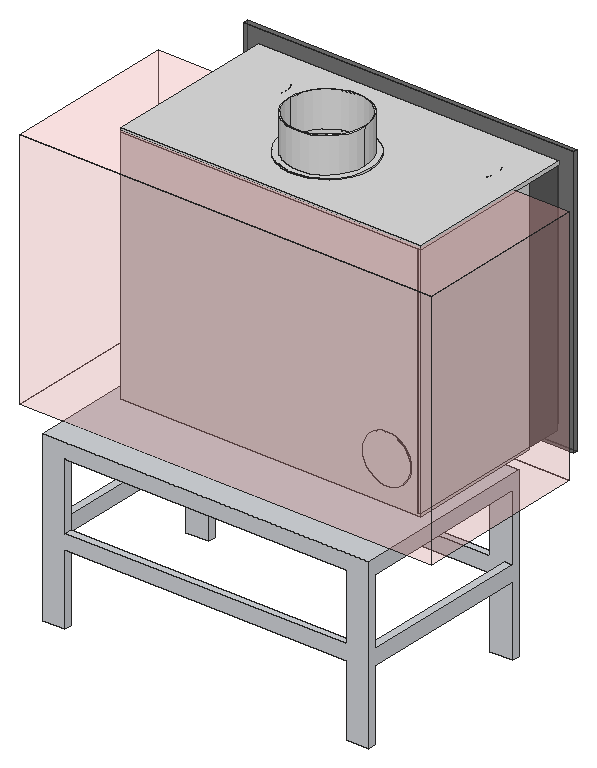
Revit family "FOGO MONTANHA-DESIGN-E809-STEEL DOOR-R19-V00", category Mechanical Equipment, host Wall, Revit 2019
Family settings
  Host = Wall
  Round Connector Dimension = Use Diameter
  Part Type = Normal
  OmniClass Number = 23.19.17.00
  Always vertical = Yes
  Cut with Voids When Loaded = No
  Shared = No
  Room Calculation Point = No
Parameters (values of type "Black Steel Door-4 sided Glass Frame 50mm")
  r_SmallDuct_Top = Diameter / 2  # 50 mm
  r_CentralDuct_Top = F / 2  # 100 mm
  r_Duct_back = 65 mm
  V = 243
  Support Table [instance] = yes
  Pu = 7.5
  Power = 9.3 kW
  Pn = 10.7
  P = 115
  Glass = Fogo Montanha-Glass
  Frame Type = FOGO MONTANHA-DESIGN-4L FRAME : E809-50mm-Glass
  Electrical Power = 32 W
  Electric tension = 230 V
  Efficiency at nominal power = "77%"
  Door_Glass_Offset = 70 mm
  Diameter = 100 mm
  Dark Glass = Fogo Montanha-Dark Glass
  URL = "https://welcome.fogo-montanha.com/pesquisar/PA2019P019"
  Door_Position = 5 mm  # constant formula
  Door = Fogo Montanha-Black Steel
  Offset_Door-Frame = 26.7 mm
  Model = "Design-E809"  # constant formula
  Manufacturer URL = "www.fogo-montanha.com"
  Manufacturer = "Fogo Montanha"  # constant formula
  Height from Level [instance] = 450 mm
  Version = "v00"  # constant formula
  Uniformat II Description = "Heat Generating Systems"  # constant formula
  Uniformat II Code = "D3020"  # constant formula
  Uniclass 2015 Name = "Space heaters"  # constant formula
  Uniclass 2015 Code = "TE_70_10_20_80"  # constant formula
  Uniclass 2.0 Description = "Space Heating And Cooling Products"  # constant formula
  Uniclass 2.0 Code = "PR-70-60-36-74"  # constant formula
  Uniclass 1.4 Description = "Fireplaces"  # constant formula
  Uniclass 1.4 Code = "L828"  # constant formula
  UNSPSC Description = "Space Heaters"  # constant formula
  UNSPSC Code = "40101819"  # constant formula
  Reference = "PA2019P019"
  Publication date = "08/2022"  # constant formula
  Number of Poles = 1
  NBS Reference Description = "Room Heaters"  # constant formula
  NBS Reference Code = "60-36-74"  # constant formula
  Masterformat 2014 Description = "Fireplaces and Stoves"  # constant formula
  Masterformat 2014 Code = "10 30 00"  # constant formula
  K = B + 13 mm  # 649 mm
  J = A + 17 mm  # 807 mm
  IfcExportType = "IfcSpaceHeaterType"  # constant formula
  IfcExportAs = "IfcSpaceHeater"  # constant formula
  G = 275 mm
  F = 200 mm
  Offset_Duct_Back = 90 mm
  Clearance Zone Visible [instance] = yes
  Clearance Zone = 150 mm
  Cl = 3.3
  CO2 = 8.1
  CO 13% O2 = 0.074
  Aux_Duct_Top = 120 mm
  Det_Door = 10 mm
  Description = "Inseríveis a lenha com ventilação tangencial incluída de série, disponíveis em preto, cinza ou porta em vidro. Incluem porta com sistema de fecho automático, ar externo canalizável através de um kit opcional, dupla combustão e câmara estanque. Possibilidade de regulação da ventilação através de um controlador GLA que, com a inclusão de um Damper, permitirá também o controlo do ar de combustão. Kit wi-fi opcional para gestão do controlador GLA à distância através de smartphone."  # constant formula
  D = 465 mm
  Body = Fogo Montanha-Steel Galvanized
  Base_Offset [instance] = if(and(Height from Level < 300 mm, Support Table), 300 mm, if(and(Height from Level > 545 mm, Support Table), 545 mm, Height from Level))  # 450 mm
  E = B  # 636 mm
  C = A  # 790 mm
  BIM Modeler URL = "www.stratbim.com"
  BIM Modeler = "StratBIM"
  B = 636 mm
  Assembly Code = "D3020"
  A = 790 mm
Types (6, lengths in mm): name | Frame Type
  Black Steel Door-4 sided Glass Frame 50mm | FOGO MONTANHA-DESIGN-4L FRAME : E809-50mm-Glass
  Black Steel Door-3 sided Glass Frame 50mm | FOGO MONTANHA-DESIGN-3L FRAME : E809-50mm-Glass
  Black Steel Door-4 sided Black Steel Frame 20mm | FOGO MONTANHA-DESIGN-4L FRAME : E809-20mm-Black Steel
  Black Steel Door-4 sided Black Steel Frame 45mm | FOGO MONTANHA-DESIGN-4L FRAME : E809-45mm-Black Steel
  Black Steel Door-3 sided Black Steel Frame 20mm | FOGO MONTANHA-DESIGN-3L FRAME : E809-20mm-Black Steel
  Black Steel Door-3 sided Black Steel Frame 45mm | FOGO MONTANHA-DESIGN-3L FRAME : E809-45mm-Black Steel
Reference planes
  plane 1 "Wall": y = 0
  plane 2 "Center (Left/Right)": x = 0
  plane 3 "Front": y = 75
  plane 4 "2": x = 395
  plane 5 "3": x = -395
  plane 6 "4": x = -395
  plane 7 "5": x = 395
  plane 8 "6": x = -403.5
  plane 9 "7": x = 403.5
  plane 10 "K'": z = 1099
  plane 11 "K": z = 450
  plane 12: y = -200
  plane 13: y = -390
  plane 14 "8": x = -50
  plane 15 "9": x = 50
  plane 16 "10": x = 313.5
  plane 17: z = 774.5
  plane 18 "B'": z = 1092.5
  plane 19 "B": z = 456.5
  plane 20 "E'": z = 1092.5
  plane 21 "E": z = 456.5
  plane 22 "L": z = 558.7
  plane 23: y = -46
  plane 24 "M": x = -283.5
  plane 25 "M'": x = 283.5
  plane 26: z = 462
  plane 27 "S": x = -398.5
  plane 28 "T": x = 398.5
  plane 29 "U": x = 371.8
  plane 30 "V": x = -371.8
  plane 31: z = 1065.8
  plane 32: z = 488.7
  plane 33: z = 558.7
  plane 34: z = 995.8
  plane 35 "W": x = 301.8
  plane 36 "X": x = -301.8
  plane 37: y = -340
  plane 38 "Y": x = 100
  plane 39 "AA": x = -100
  plane 40: y = 87
  plane 41 "BB": z = 1199
  plane 42 "Origin": z = 0
  plane 43: y = -25
Forms (mm)
  Extrusion 1, solid, material "Fogo Montanha-Steel Galvanized" <- "Body", detail levels coarse
    sketch origin (0, 75, 0) x (1, 0, 0) y (0, 0, 1)
      loop
        line (403.5, 450) -> (403.5, 1092.5) -> (-403.5, 1092.5) -> (-403.5, 450) -> (403.5, 450)
    from 0 to 465
  Extrusion 2, solid, material "Fogo Montanha-Steel Galvanized" <- "Body", detail levels medium+fine
    sketch origin (-403.5, 0, 0) x (0, 1, 0) y (0, 0, 1)
      loop
        line (-25, 456.5) -> (-25, 1092.5) -> (-200, 1092.5) -> (-390, 1092.5) -> (-390, 456.5) -> (-25, 456.5)
    from 0 to 8.5
  Extrusion 3, solid, material "Fogo Montanha-Steel Galvanized" <- "Body", detail levels medium+fine
    sketch origin (403.5, 30, 0) x (0, 1, 0) y (0, 0, -1)
      loop
        line (-55, -456.5) -> (-420, -456.5) -> (-420, -1092.5) -> (-230, -1092.5) -> (-55, -1092.5) -> (-55, -456.5)
    from 0 to 8.5
  Extrusion 4, solid, material "Fogo Montanha-Steel Galvanized" <- "Body", detail levels medium+fine
    sketch origin (1420, -390, 1200) x (1, 0, 0) y (0, 0, 1)
      loop
        line (-1025, -743.5) -> (-1025, -107.5) -> (-1815, -107.5) -> (-1815, -743.5) -> (-1025, -743.5)
    from 0 to -8
  Extrusion 5, solid, material "Fogo Montanha-Steel Galvanized" <- "Body", detail levels medium+fine
    sketch origin (2348.699, 225, 1092.5) x (1, 0, 0) y (0, 1, 0)
      loop
        line (-2752.199, -150) -> (-2752.199, -615) -> (-1945.199, -615) -> (-1945.199, -150) -> (-2752.199, -150)
      loop
        circle (-2348.699, -425) r 100
    from 10 to 0
  Extrusion 6, solid, material "Fogo Montanha-Steel Galvanized" <- "Body", detail levels medium+fine
    sketch origin (2348.699, 225, 456.5) x (1, 0, 0) y (0, 1, 0)
      loop
        line (-2752.199, -250) -> (-2752.199, -615) -> (-1945.199, -615) -> (-1945.199, -250) -> (-2752.199, -250)
    from -6.5 to 0
  Extrusion 7, solid, material "Fogo Montanha-Steel Galvanized" <- "Body", detail levels medium+fine
    sketch origin (1420, -390, 1200) x (1, 0, 0) y (0, 0, 1)
      loop
        circle (-1106.5, -641.3) r 65
    from 0 to 1
  Sweep 8, solid, material "Fogo Montanha-Steel Galvanized" <- "Body"
    path in 3D
      loop
        arc (-100, -200, 1099) -> (0, -300, 1099) -> (100, -200, 1099) r 100
        arc (100, -200, 1099) -> (0, -100, 1099) -> (-100, -200, 1099) r 100
    profile origin (0, -100, 1099) x (0, -1, 0) y (0, 0, 1)
      loop
        line (0, 3.5) -> (0, 100) -> (-2, 100) -> (-2, 6.467) -> (-17, 6.467) -> (-17, 3.5) -> (0, 3.5)
  Extrusion 9, solid, material "Fogo Montanha-Dark Glass" <- "Dark Glass", detail levels medium+fine
    sketch origin (0, 75, 0) x (1, 0, 0) y (0, 0, 1)
      loop
        line (371.8, 488.7) -> (371.8, 1065.8) -> (-371.8, 1065.8) -> (-371.8, 488.7) -> (371.8, 488.7)
      loop
        line (301.8, 558.7) -> (301.8, 995.8) -> (-301.8, 995.8) -> (-301.8, 558.7) -> (301.8, 558.7)
    from 0 to -2
  Extrusion 10, solid, material "Fogo Montanha-Vermiculite", detail levels medium+fine
    sketch origin (-371.8, 0, 0) x (0, 1, 0) y (0, 0, 1)
      loop
        line (-25, 488.7) -> (-25, 995.8) -> (-200, 995.8) -> (-340, 774.5) -> (-340, 488.7) -> (-25, 488.7)
    from 0 to 8.5
  Extrusion 11, solid, material "Fogo Montanha-Vermiculite", detail levels medium+fine
    sketch origin (371.8, 0, 0) x (0, 1, 0) y (0, 0, 1)
      loop
        line (-25, 488.7) -> (-25, 995.8) -> (-200, 995.8) -> (-340, 774.5) -> (-340, 488.7) -> (-25, 488.7)
    from 0 to -8.5
  Extrusion 12, solid, material "Fogo Montanha-Vermiculite", detail levels medium+fine
    sketch origin (1420, -340, 1200) x (1, 0, 0) y (0, 0, 1)
      loop
        line (-1056.7, -711.3) -> (-1056.7, -425.5) -> (-1783.3, -425.5) -> (-1783.3, -711.3) -> (-1056.7, -711.3)
    from 0 to -8.5
  Extrusion 13, solid, material "Fogo Montanha-Vermiculite", detail levels medium+fine
    sketch origin (0, 0, 0) x (0, 1, 0) y (0, 0, 1)
      loop
        line (-200, 995.8) -> (-340, 774.5) -> (-329.009, 774.5) -> (-200, 982.392) -> (-200, 995.8)
    from -371.8 to 371.8
  Extrusion 14, solid, material "Fogo Montanha-Vermiculite", detail levels medium+fine
    sketch origin (2348.699, 225, 488.7) x (1, 0, 0) y (0, 1, 0)
      loop
        line (-2720.499, -250) -> (-2720.499, -565) -> (-1976.899, -565) -> (-1976.899, -250) -> (-2720.499, -250)
      loop
        line (-2248.699, -271) -> (-2448.699, -271) -> (-2448.699, -425) -> (-2248.699, -425) -> (-2248.699, -271)
    from 0 to 10
  Extrusion 15, solid, material "Fogo Montanha-Steel Galvanized", detail levels medium+fine
    sketch origin (2348.699, 225, 488.7) x (1, 0, 0) y (0, 1, 0)
      loop
        line (-2248.699, -271) -> (-2448.699, -271) -> (-2448.699, -425) -> (-2248.699, -425) -> (-2248.699, -271)
      loop
        line (-2435.699, -300) -> (-2361.699, -300)
        arc (-2361.699, -300) -> (-2359.578, -299.121) -> (-2358.699, -297) r 3
        line (-2358.699, -297) -> (-2358.699, -284)
        arc (-2358.699, -284) -> (-2359.578, -281.879) -> (-2361.699, -281) r 3
        line (-2361.699, -281) -> (-2435.699, -281)
        arc (-2435.699, -281) -> (-2437.82, -281.879) -> (-2438.699, -284) r 3
        line (-2438.699, -284) -> (-2438.699, -297)
        arc (-2438.699, -297) -> (-2437.82, -299.121) -> (-2435.699, -300) r 3
      loop
        arc (-2261.699, -300) -> (-2259.578, -299.121) -> (-2258.699, -297) r 3
        line (-2258.699, -297) -> (-2258.699, -284)
        arc (-2258.699, -284) -> (-2259.578, -281.879) -> (-2261.699, -281) r 3
        line (-2261.699, -281) -> (-2335.699, -281)
        arc (-2335.699, -281) -> (-2337.82, -281.879) -> (-2338.699, -284) r 3
        line (-2338.699, -284) -> (-2338.699, -297)
        arc (-2338.699, -297) -> (-2337.82, -299.121) -> (-2335.699, -300) r 3
        line (-2335.699, -300) -> (-2261.699, -300)
      loop
        line (-2435.699, -329) -> (-2361.699, -329)
        arc (-2361.699, -329) -> (-2359.578, -328.121) -> (-2358.699, -326) r 3
        line (-2358.699, -326) -> (-2358.699, -313)
        arc (-2358.699, -313) -> (-2359.578, -310.879) -> (-2361.699, -310) r 3
        line (-2361.699, -310) -> (-2435.699, -310)
        arc (-2435.699, -310) -> (-2437.82, -310.879) -> (-2438.699, -313) r 3
        line (-2438.699, -313) -> (-2438.699, -326)
        arc (-2438.699, -326) -> (-2437.82, -328.121) -> (-2435.699, -329) r 3
      loop
        arc (-2261.699, -329) -> (-2259.578, -328.121) -> (-2258.699, -326) r 3
        line (-2258.699, -326) -> (-2258.699, -313)
        arc (-2258.699, -313) -> (-2259.578, -310.879) -> (-2261.699, -310) r 3
        line (-2261.699, -310) -> (-2335.699, -310)
        arc (-2335.699, -310) -> (-2337.82, -310.879) -> (-2338.699, -313) r 3
        line (-2338.699, -313) -> (-2338.699, -326)
        arc (-2338.699, -326) -> (-2337.82, -328.121) -> (-2335.699, -329) r 3
        line (-2335.699, -329) -> (-2261.699, -329)
      loop
        line (-2435.699, -358) -> (-2361.699, -358)
        arc (-2361.699, -358) -> (-2359.578, -357.121) -> (-2358.699, -355) r 3
        line (-2358.699, -355) -> (-2358.699, -342)
        arc (-2358.699, -342) -> (-2359.578, -339.879) -> (-2361.699, -339) r 3
        line (-2361.699, -339) -> (-2435.699, -339)
        arc (-2435.699, -339) -> (-2437.82, -339.879) -> (-2438.699, -342) r 3
        line (-2438.699, -342) -> (-2438.699, -355)
        arc (-2438.699, -355) -> (-2437.82, -357.121) -> (-2435.699, -358) r 3
      loop
        arc (-2261.699, -358) -> (-2259.578, -357.121) -> (-2258.699, -355) r 3
        line (-2258.699, -355) -> (-2258.699, -342)
        arc (-2258.699, -342) -> (-2259.578, -339.879) -> (-2261.699, -339) r 3
        line (-2261.699, -339) -> (-2335.699, -339)
        arc (-2335.699, -339) -> (-2337.82, -339.879) -> (-2338.699, -342) r 3
        line (-2338.699, -342) -> (-2338.699, -355)
        arc (-2338.699, -355) -> (-2337.82, -357.121) -> (-2335.699, -358) r 3
        line (-2335.699, -358) -> (-2261.699, -358)
      loop
        line (-2435.699, -387) -> (-2361.699, -387)
        arc (-2361.699, -387) -> (-2359.578, -386.121) -> (-2358.699, -384) r 3
        line (-2358.699, -384) -> (-2358.699, -371)
        arc (-2358.699, -371) -> (-2359.578, -368.879) -> (-2361.699, -368) r 3
        line (-2361.699, -368) -> (-2435.699, -368)
        arc (-2435.699, -368) -> (-2437.82, -368.879) -> (-2438.699, -371) r 3
        line (-2438.699, -371) -> (-2438.699, -384)
        arc (-2438.699, -384) -> (-2437.82, -386.121) -> (-2435.699, -387) r 3
      loop
        arc (-2261.699, -387) -> (-2259.578, -386.121) -> (-2258.699, -384) r 3
        line (-2258.699, -384) -> (-2258.699, -371)
        arc (-2258.699, -371) -> (-2259.578, -368.879) -> (-2261.699, -368) r 3
        line (-2261.699, -368) -> (-2335.699, -368)
        arc (-2335.699, -368) -> (-2337.82, -368.879) -> (-2338.699, -371) r 3
        line (-2338.699, -371) -> (-2338.699, -384)
        arc (-2338.699, -384) -> (-2337.82, -386.121) -> (-2335.699, -387) r 3
        line (-2335.699, -387) -> (-2261.699, -387)
      loop
        line (-2435.699, -416) -> (-2361.699, -416)
        arc (-2361.699, -416) -> (-2359.578, -415.121) -> (-2358.699, -413) r 3
        line (-2358.699, -413) -> (-2358.699, -400)
        arc (-2358.699, -400) -> (-2359.578, -397.879) -> (-2361.699, -397) r 3
        line (-2361.699, -397) -> (-2435.699, -397)
        arc (-2435.699, -397) -> (-2437.82, -397.879) -> (-2438.699, -400) r 3
        line (-2438.699, -400) -> (-2438.699, -413)
        arc (-2438.699, -413) -> (-2437.82, -415.121) -> (-2435.699, -416) r 3
      loop
        arc (-2261.699, -416) -> (-2259.578, -415.121) -> (-2258.699, -413) r 3
        line (-2258.699, -413) -> (-2258.699, -400)
        arc (-2258.699, -400) -> (-2259.578, -397.879) -> (-2261.699, -397) r 3
        line (-2261.699, -397) -> (-2335.699, -397)
        arc (-2335.699, -397) -> (-2337.82, -397.879) -> (-2338.699, -400) r 3
        line (-2338.699, -400) -> (-2338.699, -413)
        arc (-2338.699, -413) -> (-2337.82, -415.121) -> (-2335.699, -416) r 3
        line (-2335.699, -416) -> (-2261.699, -416)
    from 0 to 10
  Extrusion 16, solid, material "Fogo Montanha-Black Steel", detail levels medium+fine
    sketch origin (0, 75, 0) x (1, 0, 0) y (0, 0, 1)
      loop
        line (371.8, 488.7) -> (371.8, 1065.8) -> (-371.8, 1065.8) -> (-371.8, 488.7) -> (-369.8, 488.7) -> (-369.8, 1063.8) -> (369.8, 1063.8) -> (369.8, 488.7) -> (371.8, 488.7)
    from 0 to 100
  Extrusion 17, solid, visible <- "Clearance Zone Visible"
    sketch origin (2348.699, 225, 1092.5) x (1, 0, 0) y (0, 1, 0)
      loop
        line (-2902.199, -300) -> (-2902.199, -765) -> (-1795.199, -765) -> (-1795.199, -300) -> (-1945.199, -300) -> (-1945.199, -615) -> (-2752.199, -615) -> (-2752.199, -300) -> (-2902.199, -300)
    from -642.5 to 6.5
  Extrusion 18, solid
    sketch origin (2348.699, 225, 1099) x (1, 0, 0) y (0, 1, 0)
      loop
        circle (-2065.199, -271) r 50
    from 0 to 1
  Extrusion 19, solid
    sketch origin (2348.699, 225, 1099) x (1, 0, 0) y (0, 1, 0)
      loop
        circle (-2632.199, -271) r 50
    from 0 to 1
  Extrusion 20, solid, material "Fogo Montanha-Black Steel", detail levels medium+fine
    sketch origin (1420, -25, 1200) x (1, 0, 0) y (0, 0, 1)
      loop
        line (-1048.2, -711.3) -> (-1048.2, -134.2) -> (-1791.8, -134.2) -> (-1791.8, -711.3) -> (-1048.2, -711.3)
      loop
        line (-1025, -750) -> (-1025, -107.5) -> (-1815, -107.5) -> (-1815, -750) -> (-1025, -750)
    from 0 to -10
  Extrusion 21, solid, material "Fogo Montanha-Black Steel", detail levels medium+fine
    sketch origin (0, 75, 0) x (1, 0, 0) y (0, 0, 1)
      loop
        line (371.8, 486.7) -> (371.8, 1065.8) -> (-371.8, 1065.8) -> (-371.8, 486.7) -> (371.8, 486.7)
      loop
        line (369.8, 488.7) -> (369.8, 1063.8) -> (-369.8, 1063.8) -> (-369.8, 488.7) -> (369.8, 488.7)
    from 0 to 100
  Extrusion 22, solid, material "Fogo Montanha-Black Steel", detail levels medium+fine
    sketch origin (0, 75, 0) x (1, 0, 0) y (0, 0, 1)
      loop
        line (397, 450) -> (397, 1092.5) -> (-397, 1092.5) -> (-397, 450) -> (397, 450)
      loop
        line (395, 452) -> (395, 1090.5) -> (-395, 1090.5) -> (-395, 452) -> (395, 452)
    from 0 to 100
  Extrusion 23, solid, material "Fogo Montanha-Dark Glass", detail levels medium+fine
    sketch origin (0, 75, 0) x (1, 0, 0) y (0, 0, 1)
      loop
        line (371.8, 488.7) -> (371.8, 1065.8) -> (-371.8, 1065.8) -> (-371.8, 488.7) -> (371.8, 488.7)
      loop
        line (-301.8, 558.7) -> (301.8, 558.7) -> (301.8, 995.8) -> (-301.8, 995.8) -> (-301.8, 558.7)
    from 0 to 2
  Extrusion 24, solid, material "Fogo Montanha-Glass" <- "Glass", detail levels medium+fine
    sketch origin (0, 75, 0) x (1, 0, 0) y (0, 0, 1)
      loop
        line (301.8, 558.7) -> (301.8, 995.8) -> (-301.8, 995.8) -> (-301.8, 558.7) -> (301.8, 558.7)
    from 0 to 2
  Extrusion 25, solid, material "Fogo Montanha-Steel", detail levels medium+fine
    sketch origin (0, 0, 0) x (0, 1, 0) y (0, 0, 1)
      loop
        line (-46, 1024.8) -> (-46, 1032.8) -> (-250, 1032.8) -> (-250, 1007.347) -> (-200, 1007.347) -> (-180, 995.8) -> (-75, 995.8) -> (-46, 1024.8)
    from -150 to 150
  Extrusion 26, solid, material "Fogo Montanha-Black Steel", detail levels medium+fine
    sketch origin (0, 0, 103.5) x (1, 0, 0) y (0, 0, 1)
      loop
        line (371.8, 385.2) -> (371.8, 962.3) -> (-371.8, 962.3) -> (-371.8, 385.2) -> (371.8, 385.2)
      loop
        line (-301.8, 455.2) -> (301.8, 455.2) -> (301.8, 892.3) -> (-301.8, 892.3) -> (-301.8, 455.2)
    from -20 to -22
  Extrusion 27, solid, material "Fogo Montanha-Black Steel", detail levels medium+fine
    sketch origin (0, 75, 107.7) x (1, 0, 0) y (0, 0, 1)
      loop
        line (371.8, 451) -> (-371.8, 451) -> (-371.8, 449) -> (371.8, 449) -> (371.8, 451)
    from 2 to 53
Cuts and joins
  joined: Extrusion 10, Extrusion 11, Extrusion 12, Extrusion 13, Extrusion 14
  joined: Extrusion 21, Extrusion 27
  joined: Extrusion 16, Extrusion 26
  joined: Extrusion 2, Extrusion 4, Extrusion 6
Lines and regions (mm)
  Opening 1
    outline origin (-5000, -75, 0) x (1, 0, 0) y (0, 0, 1)
      loop
        line (4596.5, 450) -> (5403.5, 450) -> (5403.5, 1099) -> (4596.5, 1099) -> (4596.5, 450)
  reference lines
    curve 1: circle (0, -200, 1099) r 100 normal (0, 0, 1)
    curve 2: circle (313.5, 75, 558.7) r 65 normal (0, -1, 0)
    curve 4: circle (-283.5, -46, 1092.5) r 50 normal (0, 0, 1)
    curve 5: circle (283.5, -46, 1092.5) r 50 normal (0, 0, 1)
  sketch lines
    curve 3: circle (0, -200, 1099) r 100 normal (0, 0, 1)
Text (mm)
  text "Placement side" at (-1304.494, 278.82, 0), in view "Ref. Level"
  text "Placement side" at (0, 1334.055, 2976.191), in view "Left"
  text "Placement side" at (0, 439.194, 2944.362), in view "Right"
Dimensions and locks
  locked: plane 3 "Front" to host wall at 0
  "C": plane 4 "2" to plane 5 "3"
  equal spacing: plane 4 "2", plane 2 "Center (Left/Right)", plane 5 "3"
  equal spacing: plane 7 "5", plane 2 "Center (Left/Right)", plane 6 "4"
  "A": plane 7 "5" to plane 6 "4"
  equal spacing: plane 9 "7", plane 2 "Center (Left/Right)", plane 8 "6"
  "J": plane 8 "6" to plane 9 "7"
  "K": plane 11 "K" to plane 10 "K'"
  "Base_Offset": level to plane 11 "K"
  equal spacing: plane 14 "8", plane 2 "Center (Left/Right)", plane 15 "9"
  plane 14 "8" to plane 15 "9" = 100 mm
  equal spacing: plane 11 "K", plane 17, plane 10 "K'"
  equal spacing: plane 19 "B", plane 17, plane 18 "B'"
  "B": plane 19 "B" to plane 18 "B'"
  equal spacing: plane 21 "E", plane 17, plane 20 "E'"
  "E": plane 21 "E" to plane 20 "E'"
  "Offset_Duct_Back": plane 9 "7" to plane 16 "10"
  locked: plane 11 "K" to plane 22 "L" at 108.7
  "Aux_Duct_Top": plane 8 "6" to plane 24 "M"
  "Aux_Duct_Top": plane 25 "M'" to plane 9 "7"
  "Offset_Door-Frame": plane 26 to plane 32
  "Offset_Door-Frame": plane 28 "T" to plane 29 "U"
  "Offset_Door-Frame": plane 30 "V" to plane 27 "S"
  "Door_Glass_Offset": plane 32 to plane 33
  "Door_Glass_Offset": plane 34 to plane 31
  "Door_Glass_Offset": plane 29 "U" to plane 35 "W"
  "Door_Glass_Offset": plane 36 "X" to plane 30 "V"
  locked: plane 13 to plane 37 at 50
  locked: plane 3 "Front" to plane 40 at 12
  Extrusion 15 sketch curve to Extrusion 15 sketch curve to Extrusion 15 sketch curve to Extrusion 15 sketch curve to Extrusion 15 sketch curve to Extrusion 15 sketch curve = 10 mm locked, 80 mm locked, 20 mm locked, 80 mm locked, 10 mm locked
  Extrusion 15 sketch curve to Extrusion 15 sketch curve to Extrusion 15 sketch curve to Extrusion 15 sketch curve to Extrusion 15 sketch curve to Extrusion 15 sketch curve to Extrusion 15 sketch curve to Extrusion 15 sketch curve to Extrusion 15 sketch curve to Extrusion 15 sketch curve to Extrusion 15 sketch curve to Extrusion 15 sketch curve = 10 mm locked, 19 mm locked, 10 mm locked, 19 mm locked, 10 mm locked, 19 mm locked, 10 mm locked, 19 mm locked, 10 mm locked, 19 mm locked, 9 mm locked
  "Door_Position": plane 9 "7" to plane 28 "T"
  "Door_Position": plane 27 "S" to plane 8 "6"
  locked: plane 43 to plane 3 "Front" at 100
  "Clearance Zone": Extrusion 17 sketch curve to Extrusion 17 sketch curve  (x3)
  locked: Extrusion 9 to Extrusion 16 at 2
  locked: Extrusion 16 to Extrusion 9 at 2  (x2)
  locked: Extrusion 21 sketch curve to Extrusion 9 at 2
  "Offset_Door-Frame": plane 31 to plane 20 "E'"
  locked: plane 10 "K'" to plane 41 "BB" at 100
  Extrusion 27 sketch curve to plane 33 = 2 mm
  plane 11 "K" to Extrusion 22 sketch curve = 2 mm
  locked: Extrusion 22 sketch curve to plane 20 "E'" at 2
  locked: Extrusion 22 sketch curve to plane 7 "5" at 2
  locked: plane 6 "4" to Extrusion 22 sketch curve at 2
  plane 11 "K" to plane 21 "E" = 6.5 mm
  locked: plane 11 "K" to plane 26 at 12
  locked: plane 23 to plane 43 at 21
  locked: plane 12 to plane 23 at 154
  locked: plane 37 to plane 12 at 140
  locked: plane 43 to plane 1 "Wall" at 25
  locked: cut or joined group of Extrusion 16, Extrusion 26 to plane 40 at 65
  locked: cut or joined group of Extrusion 16, Extrusion 26 to cut or joined group of Extrusion 16, Extrusion 26 at 2
  "r_CentralDuct_Top": radius of curve 1
  "r_Duct_back": radius of curve 2
  "r_SmallDuct_Top": radius of curve 5
  "r_SmallDuct_Top": radius of curve 4
  aligned and locked: plane 8 "6" to Opening 1 sketch curve
  aligned and locked: Opening 1 sketch curve to plane 9 "7"
  aligned and locked: plane 10 "K'" to Opening 1 sketch curve
  aligned and locked: plane 11 "K" to Opening 1 sketch curve
  aligned and locked: plane 8 "6" to Extrusion 1 sketch curve
  aligned and locked: Extrusion 1 sketch curve to plane 9 "7"
  aligned and locked: plane 18 "B'" to Extrusion 1 sketch curve
  aligned and locked: plane 13 to Extrusion 1
  aligned and locked: plane 19 "B" to Extrusion 2 sketch curve
  aligned and locked: plane 18 "B'" to Extrusion 2 sketch curve
  aligned and locked: plane 13 to Extrusion 2 sketch curve
  aligned and locked: Extrusion 3 sketch curve to plane 18 "B'"
  aligned and locked: Extrusion 3 sketch curve to plane 13
  aligned and locked: Extrusion 3 sketch curve to plane 19 "B"
  aligned and locked: plane 4 "2" to Extrusion 4 sketch curve
  aligned and locked: plane 5 "3" to Extrusion 4 sketch curve
  aligned and locked: plane 21 "E" to Extrusion 4 sketch curve
  aligned and locked: plane 20 "E'" to Extrusion 4 sketch curve
  aligned and locked: plane 5 "3" to Extrusion 2
  aligned and locked: Extrusion 3 to plane 4 "2"
  aligned and locked: Extrusion 5 sketch curve to plane 8 "6"
  aligned and locked: plane 9 "7" to Extrusion 5 sketch curve
  aligned and locked: Extrusion 5 sketch curve to plane 13
  aligned and locked: Extrusion 5 sketch curve to curve 1
  aligned and locked: plane 9 "7" to Extrusion 6 sketch curve
  aligned and locked: Extrusion 6 sketch curve to plane 8 "6"
  aligned and locked: Extrusion 6 sketch curve to plane 13
  aligned and locked: Extrusion 7 sketch curve to curve 2
  aligned and locked: plane 24 "M" to curve 4
  aligned and locked: plane 23 to curve 4
  aligned and locked: plane 23 to curve 5
  aligned and locked: plane 25 "M'" to curve 5
  aligned and locked: plane 32 to Extrusion 9 sketch curve
  aligned and locked: Extrusion 9 sketch curve to plane 29 "U"
  aligned and locked: Extrusion 9 sketch curve to plane 31
  aligned and locked: plane 30 "V" to Extrusion 9 sketch curve
  aligned and locked: Extrusion 10 to plane 32
  aligned and locked: plane 34 to Extrusion 10 sketch curve
  aligned and locked: plane 12 to Extrusion 10 sketch curve
  aligned and locked: Extrusion 12 to Extrusion 10
  aligned and locked: Extrusion 12 to Extrusion 11
  aligned and locked: Extrusion 11 sketch curve to Extrusion 12
  aligned and locked: Extrusion 10 sketch curve to plane 37
  aligned and locked: plane 17 to Extrusion 12
  aligned and locked: plane 17 to Extrusion 10 sketch curve
  aligned and locked: plane 17 to Extrusion 11 sketch curve
  aligned and locked: Extrusion 13 sketch curve to Extrusion 10
  aligned and locked: plane 17 to Extrusion 13 sketch curve
  aligned and locked: plane 12 to Extrusion 13 sketch curve
  aligned and locked: plane 29 "U" to Extrusion 13
  aligned and locked: Extrusion 13 to plane 30 "V"
  aligned and locked: Extrusion 10 to Extrusion 12
  aligned and locked: Extrusion 14 sketch curve to plane 30 "V"
  aligned and locked: Extrusion 14 sketch curve to plane 37
  aligned and locked: Extrusion 14 sketch curve to plane 29 "U"
  aligned and locked: plane 12 to Extrusion 14 sketch curve
  aligned and locked: Extrusion 14 sketch curve to plane 23
  aligned and locked: Extrusion 14 sketch curve to plane 39 "AA"
  aligned and locked: plane 38 "Y" to Extrusion 14 sketch curve
  aligned and locked: Extrusion 15 sketch curve to plane 38 "Y"
  aligned and locked: Extrusion 15 sketch curve to plane 23
  aligned and locked: Extrusion 15 to plane 32
  aligned and locked: Extrusion 14 to Extrusion 15
  aligned and locked: Extrusion 15 sketch curve to Extrusion 15 sketch curve  (x26)
  aligned and locked: nested 1 to plane 2 "Center (Left/Right)"
  aligned and locked: plane 41 "BB" to Sweep 8 sketch curve
  aligned and locked: Extrusion 5 to Sweep 8 sketch curve
  aligned and locked: level to plane 42 "Origin"
  aligned and locked: Extrusion 10 sketch curve to plane 43
  aligned and locked: plane 43 to Extrusion 3 sketch curve
  aligned and locked: Extrusion 2 sketch curve to plane 43
  aligned and locked: plane 29 "U" to Extrusion 16 sketch curve
  aligned and locked: plane 31 to Extrusion 16 sketch curve
  aligned and locked: plane 30 "V" to Extrusion 16 sketch curve
  aligned and locked: Extrusion 16 sketch curve to plane 32
  aligned and locked: plane 32 to Extrusion 16 sketch curve
  aligned and locked: plane 43 to Extrusion 16
  aligned and locked: Extrusion 14 sketch curve to plane 43
  aligned and locked: Extrusion 17 sketch curve to host wall
  aligned and locked: host wall to Extrusion 17 sketch curve
  aligned and locked: Extrusion 17 to host wall  (x2)
  aligned and locked: Extrusion 18 sketch curve to curve 5
  aligned and locked: Extrusion 19 sketch curve to curve 4
  aligned and locked: Extrusion 6 to plane 11 "K"
  aligned and locked: nested 1 to plane 17
  aligned and locked: Extrusion 22 sketch curve to plane 7 "5"
  aligned and locked: Extrusion 22 sketch curve to plane 20 "E'"
  aligned and locked: plane 6 "4" to Extrusion 22 sketch curve
  aligned and locked: plane 31 to Extrusion 23 sketch curve
  aligned and locked: Extrusion 23 sketch curve to plane 30 "V"
  aligned and locked: plane 29 "U" to Extrusion 23 sketch curve
  aligned and locked: Extrusion 23 sketch curve to plane 32
  aligned and locked: Extrusion 6 to Extrusion 2
  aligned and locked: plane 35 "W" to Extrusion 9 sketch curve
  aligned and locked: plane 34 to Extrusion 9 sketch curve
  aligned and locked: plane 36 "X" to Extrusion 9 sketch curve
  aligned and locked: plane 33 to Extrusion 9 sketch curve
  aligned and locked: plane 35 "W" to Extrusion 24 sketch curve
  aligned and locked: plane 34 to Extrusion 24 sketch curve
  aligned and locked: plane 33 to Extrusion 24 sketch curve
  aligned and locked: plane 36 "X" to Extrusion 24 sketch curve
  aligned and locked: Extrusion 11 sketch curve to plane 43
  aligned and locked: plane 23 to Extrusion 25 sketch curve
  aligned and locked: Extrusion 27 to Extrusion 26
  aligned and locked: Extrusion 27 sketch curve to plane 33
  aligned and locked: plane 29 "U" to Extrusion 26 sketch curve
  aligned and locked: Extrusion 26 sketch curve to plane 30 "V"
  aligned and locked: plane 29 "U" to Extrusion 27
  aligned and locked: Extrusion 27 to plane 30 "V"
  aligned and locked: Extrusion 26 sketch curve to plane 34
  aligned and locked: plane 31 to Extrusion 26 sketch curve
  aligned and locked: plane 9 "7" to Extrusion 17 sketch curve
  aligned and locked: Extrusion 17 sketch curve to plane 8 "6"
  aligned and locked: plane 13 to Extrusion 17 sketch curve
  aligned and locked: Extrusion 20 sketch curve to plane 20 "E'"
  aligned and locked: Extrusion 20 sketch curve to plane 31
  aligned and locked: Extrusion 20 sketch curve to plane 32
  aligned and locked: Extrusion 20 sketch curve to plane 7 "5"
  aligned and locked: Extrusion 20 sketch curve to plane 29 "U"
  aligned and locked: Extrusion 20 sketch curve to plane 6 "4"
  aligned and locked: Extrusion 20 sketch curve to plane 30 "V"
  aligned and locked: plane 33 to Extrusion 26 sketch curve
  aligned and locked: Extrusion 26 sketch curve to plane 32
  aligned and locked: Extrusion 1 sketch curve to plane 11 "K"
  aligned and locked: Extrusion 22 sketch curve to plane 11 "K"
  aligned and locked: Extrusion 20 sketch curve to plane 11 "K"
  aligned and locked: nested 2 to plane 2 "Center (Left/Right)"
  aligned and locked: nested 2 to host wall
  aligned and locked: Extrusion 27 to cut or joined group of Extrusion 16, Extrusion 26
  aligned and locked: Extrusion 27 to Extrusion 23
Automatic sketch dimensions
  Extrusion 2 sketch curve to plane 12 = 0 mm
  Extrusion 3 sketch curve to plane 12 = 0 mm
  Extrusion 5 sketch curve to host wall = 0 mm
  Sweep 8 sketch curve to profile plane = 0 mm
  profile plane to Sweep 8 sketch curve = 2 mm
  profile plane to Sweep 8 sketch curve = 6.467 mm
  Sweep 8 sketch curve to Sweep 8 sketch curve = 15 mm
  Extrusion 10 sketch curve to plane 32 = 0 mm
  Extrusion 12 sketch curve to plane 32 = 0 mm
  Extrusion 12 sketch curve to plane 17 = 0 mm
  plane 30 "V" to Extrusion 12 sketch curve = 8.5 mm
  Extrusion 12 sketch curve to plane 29 "U" = 8.5 mm
  Extrusion 13 sketch curve to plane 37 = 10.991 mm
  Extrusion 13 sketch curve to plane 34 = 13.408 mm
  Extrusion 15 sketch curve to Extrusion 15 sketch curve = 3 mm  (x40)
  plane 30 "V" to Extrusion 16 sketch curve = 2 mm
  Extrusion 16 sketch curve to plane 29 "U" = 2 mm
  Extrusion 16 sketch curve to plane 31 = 2 mm
  Extrusion 21 sketch curve to plane 30 "V" = 0 mm
  Extrusion 21 sketch curve to plane 32 = 0 mm
  Extrusion 21 sketch curve to plane 29 "U" = 0 mm
  Extrusion 21 sketch curve to plane 31 = 0 mm
  plane 30 "V" to Extrusion 21 sketch curve = 2 mm
  Extrusion 21 sketch curve to plane 29 "U" = 2 mm
  Extrusion 21 sketch curve to plane 31 = 2 mm
  Extrusion 23 sketch curve to plane 34 = 0 mm
  Extrusion 23 sketch curve to plane 36 "X" = 0 mm
  Extrusion 23 sketch curve to plane 22 "L" = 0 mm
  Extrusion 23 sketch curve to plane 35 "W" = 0 mm
  Extrusion 11 sketch curve to plane 12 = 0 mm
  Extrusion 11 sketch curve to plane 34 = 0 mm
  Extrusion 11 sketch curve to plane 32 = 0 mm
  Extrusion 26 sketch curve to plane 24 "M" = 18.3 mm
  Extrusion 26 sketch curve to plane 25 "M'" = 18.3 mm
  Extrusion 27 sketch curve to plane 36 "X" = 70 mm
  plane 16 "10" to Extrusion 27 sketch curve = 58.3 mm
  plane 43 to Extrusion 6 sketch curve = 0 mm
  Extrusion 25 sketch curve to plane 12 = 0 mm
  Extrusion 25 sketch curve to plane 34 = 0 mm
  plane 34 to Extrusion 25 sketch curve = 11.547 mm
  Extrusion 25 sketch curve to Extrusion 25 sketch curve = 50 mm
  Extrusion 25 sketch curve to plane 12 = 20 mm
  plane 23 to Extrusion 25 sketch curve = 29 mm
  plane 34 to Extrusion 25 sketch curve = 29 mm
  Extrusion 25 sketch curve to Extrusion 25 sketch curve = 8 mm
  curve 2 to plane 16 "10" = 0 mm
  curve 2 to plane 22 "L" = 0 mm
  curve 4 to plane 24 "M" = 0 mm
  curve 1 to plane 2 "Center (Left/Right)" = 0 mm
  plane 12 to curve 1 = 0 mm
Nested families
  nested 1: "FOGO MONTANHA-DESIGN-4L FRAME" at (0, 75, 774.5) x (-1, 0, 0) z (0, 1, 0), type <- "Frame Type", type "E809-50mm-Glass"
    with Width 50 mm, B 628 mm, A 788 mm
  nested 2: "FOGO MONTANHA-SUPPORT TABLE-R19-V00" at (0, -75, 0) x (-1, 0, 0) z (0, 0, 1), visible <- "Support Table", H <- "Base_Offset", type "PA1090G051"
    with H 450 mm
Connectors
  hvac at (0, -200, 1199), driven by "F"
    settings: on Sweep 8, index 1, duct flow 0.0 L/s, flow factor 0, pres drop 0.0 Pa, loss coef 0, conn angle 0.00°, conn width 304.8 mm, conn height 304.8 mm, conn diameter 200 mm, duct sys type 3, conn prof type 0, flow config 0, flow direction 2, loss method 0, conn ref index -1, conn util no, is conn primary yes, conn desc ""
  electrical at (-403.5, -206, 838.1), driven by "Number of Poles", driven by "Electric tension", driven by "Electrical Power"
    settings: on Extrusion 2, index 3, voltage 230 V, apparent load 32 VA, apparent load phase1 0 VA, apparent load phase2 0 VA, apparent load phase3 0 VA, power factor 1, load classification "Other", number of poles 1, system type 30, power factor state 1, is connector primary yes, connector utility no, sub classification motor no, connector description ""
  hvac at (313.5, -390, 558.7), driven by "Diameter"
    settings: on Extrusion 7, index 4, duct flow 0.0 L/s, flow factor 0, pres drop 0.0 Pa, loss coef 0, conn angle 0.00°, conn width 304.8 mm, conn height 304.8 mm, conn diameter 100 mm, duct sys type 1, conn prof type 0, flow config 0, flow direction 1, loss method 0, conn ref index -1, conn util no, is conn primary no, conn desc ""
  hvac at (-283.5, -46, 1100), driven by "Diameter"
    settings: on Extrusion 19, index 5, duct flow 0.0 L/s, flow factor 0, pres drop 0.0 Pa, loss coef 0, conn angle 0.00°, conn width 304.8 mm, conn height 304.8 mm, conn diameter 100 mm, duct sys type 3, conn prof type 0, flow config 0, flow direction 2, loss method 0, conn ref index -1, conn util no, is conn primary no, conn desc ""
  hvac at (283.5, -46, 1100), driven by "Diameter"
    settings: on Extrusion 18, index 6, duct flow 0.0 L/s, flow factor 0, pres drop 0.0 Pa, loss coef 0, conn angle 0.00°, conn width 304.8 mm, conn height 304.8 mm, conn diameter 100 mm, duct sys type 3, conn prof type 0, flow config 0, flow direction 2, loss method 0, conn ref index -1, conn util no, is conn primary no, conn desc ""
Definition of nested family "FOGO MONTANHA-DESIGN-4L FRAME"
  Parameters (values of type "E609-20mm")
    Width = 20 mm
    Uniformat II Description = "Other HVAC Systems & Equipment"
    Uniformat II Code = "D3090"
    Uniclass 2015 Name = "Fireplace Surrounds"
    Uniclass 2015 Code = "PR_70_60_80_32"
    URL = "https://www.fogo-montanha.com/pt"
    UNSPSC Code = "40101819"
    Thickness = 12 mm
    Reference = "MO2070P132"
    Model = "Design 4 Sided"  # constant formula
    Masterformat 2014 Description = "Fireplace Specialties"
    Masterformat 2014 Code = "10 32 00"
    Manufacturer = "Fogo Montanha"  # constant formula
    Frame Material = none
    Default Elevation = 1219.2 mm
    B = 488 mm
    A = 588 mm
  Types (15, lengths in mm): name | Width | Reference | Default Elevation | B | A
    E609H-50mm | 50 | "MO2070V016" | 1219.2 | 690 | 587
    E609H-45mm | 45 | "MO2070P134" | 1219.2 | 690 | 587
    E609H-20mm | 20 | "MO2070P136" | 1219.2 | 690 | 587
    E609-50mm | 50 | "MO2070V014" | 1219.2 | 488 | 588
    E709-50mm | 50 | "MO2070V018" | 1219.2 | 556 | 688
    E809-50mm | 50 | "MO2070V020" | 1219.2 | 628 | 788
    E909-50mm | 50 | "MO2070V023" | 1219.2 | 698 | 888
    E609-45mm | 45 | "MO2070P130" | 1219.2 | 488 | 588
    E709-45mm | 45 | "MO2070P138" | 5 | 556 | 688
    E809-45mm | 45 | "MO2070P142" | 1219.2 | 628 | 788
    E909-45mm | 45 | "MO2070P146" | 1219.2 | 698 | 888
    E609-20mm | 20 | "MO2070P132" | 1219.2 | 488 | 588
    E709-20mm | 20 | "MO2070P140" | 1219.2 | 556 | 688
    E809-20mm | 20 | "MO2070P144" | 1219.2 | 628 | 788
    E909-20mm | 20 | "MO2070P148" | 1219.2 | 698 | 888
  Reference planes
    plane 1 "Center (Front/Back)": y = 0
    plane 2: z = 0
    plane 3 "Center (Left/Right)": x = 0
    plane 4: x = -294
    plane 5: x = 294
    plane 6: y = 244
    plane 7: y = -244
    plane 8: x = -314
    plane 9: z = 12
  Forms (mm)
    Extrusion 1, solid
      sketch origin (0, 0, 0) x (1, 0, 0) y (0, 1, 0)
        loop
          line (-1219.2, 1219.2) -> (-1219.2, -1219.2) -> (1219.2, -1219.2) -> (1219.2, 1219.2) -> (-1219.2, 1219.2)
      from 0 to -304.8
    Sweep 2, solid, material <- "Frame Material"
      path origin (0, 0, 0) x (1, 0, 0) y (0, 1, 0)
        loop
          line (-294, -244) -> (294, -244) -> (294, 244) -> (-294, 244) -> (-294, -244)
      profile origin (-294, 0, 0) x (1, 0, 0) y (0, 0, 1)
        loop
          line (-20, 12) -> (-20, 0) -> (0, 0) -> (0, 12) -> (-20, 12)
  Dimensions and locks
    equal spacing: plane 6, plane 1 "Center (Front/Back)", plane 7
    "B": plane 6 to plane 7
    equal spacing: plane 4, plane 3 "Center (Left/Right)", plane 5
    "A": plane 4 to plane 5
    "Thickness": plane 9 to plane 2
    "Width": plane 4 to plane 8
    aligned and locked: plane 2 to Extrusion 1
    aligned and locked: level to Extrusion 1
    aligned and locked: plane 7 to Sweep 2 sketch curve
    aligned and locked: Sweep 2 sketch curve to plane 4  (x2)
    aligned and locked: plane 6 to Sweep 2 sketch curve
    aligned and locked: Sweep 2 sketch curve to plane 5
    aligned and locked: Sweep 2 sketch curve to plane 9
    aligned and locked: Sweep 2 sketch curve to plane 8
    aligned and locked: Sweep 2 sketch curve to plane 2
  Automatic sketch dimensions
    Extrusion 1 sketch curve to Extrusion 1 sketch curve = 2438.4 mm  (x2)
Definition of nested family "FOGO MONTANHA-SUPPORT TABLE-R19-V00"
  Parameters (values of type "PA1090G049")
    URL = "https://fogo-montanha.com"
    Reference = "PA1090G049"
    P = 533 mm
    Model = "Support Table"  # constant formula
    Manufacturer = "Fogo Montanha"  # constant formula
    L = 677 mm
    H [instance] = 420 mm
    Description = "Mesa de suporte PA1090G049 compatível com os modelos Classic E601,Classic E701, Design E709, Design E609 e Design E609H."
  Types (4, lengths in mm): name | Reference | P | L | H | Description
    (no name) | "PA1090G049" | 533 | 677 | 420 | "Mesa de suporte PA1090G049 compatível com os modelos Classic E601,Classic E701, Design E709, Design E609 e Design E609H."
    PA1090G027 | "PA1090G027" | 470 | 677 | 300 | "Mesa de suporte PA1090G027 compatível com os modelos SQUARE D e SQUARE V."
    PA1090G049 | "PA1090G049" | 533 | 677 | 420 | "Mesa de suporte PA1090G049 compatível com os modelos Classic E601,Classic E701, Design E709, Design E609 e Design E609H."
    PA1090G051 | "PA1090G051" | 533 | 877 | 504 | "Mesa de suporte PA1090G051 compatível com os modelos Classic E901, Classic E801, Design E909 e Design E809."
  Reference planes
    plane 1 "Center (Front/Back)": y = 0
    plane 2: z = 0
    plane 3 "Center (Left/Right)": x = 0
    plane 4: x = -338.5
    plane 5: x = -318.5
    plane 6: x = -278.5
    plane 7: x = 278.5
    plane 8: x = 318.5
    plane 9: x = 338.5
    plane 10: y = 533
    plane 11: y = 513
    plane 12: y = 50
    plane 13: y = 30
    plane 14: z = 420
    plane 15: z = 380
    plane 16: z = 200
    plane 17: z = 160
  Forms (mm)
    Extrusion 1, solid
      sketch origin (0, 0, 0) x (1, 0, 0) y (0, 1, 0)
        loop
          line (-338.5, 533) -> (-338.5, 513) -> (-278.5, 513) -> (-278.5, 533) -> (-338.5, 533)
        loop
          line (-338.5, 30) -> (-278.5, 30) -> (-278.5, 50) -> (-338.5, 50) -> (-338.5, 30)
        loop
          line (278.5, 50) -> (278.5, 30) -> (338.5, 30) -> (338.5, 50) -> (278.5, 50)
        loop
          line (278.5, 533) -> (278.5, 513) -> (338.5, 513) -> (338.5, 533) -> (278.5, 533)
      from 0 to 380
    Extrusion 2, solid
      sketch origin (0, 0, 0) x (1, 0, 0) y (0, 1, 0)
        loop
          line (-338.5, 533) -> (-338.5, 30) -> (-278.5, 30) -> (-278.5, 0) -> (278.5, 0) -> (278.5, 30) -> (338.5, 30) -> (338.5, 533) -> (-338.5, 533)
      from 380 to 420
    Extrusion 3, solid
      sketch origin (0, 0, 0) x (1, 0, 0) y (0, 1, 0)
        loop
          line (338.5, 533) -> (-338.5, 533) -> (-338.5, 30) -> (338.5, 30) -> (338.5, 533)
        loop
          line (318.5, 513) -> (-318.5, 513) -> (-318.5, 50) -> (318.5, 50) -> (318.5, 513)
      from 160 to 200
  Cuts and joins
    joined: Extrusion 1, Extrusion 2, Extrusion 3
  Dimensions and locks
    locked: plane 4 to plane 5 at 20
    locked: plane 4 to plane 6 at 60
    locked: plane 7 to plane 9 at 60
    equal spacing: plane 4, plane 3 "Center (Left/Right)", plane 9
    "L": plane 4 to plane 9
    locked: plane 10 to plane 11 at 20
    locked: plane 12 to plane 13 at 20
    locked: plane 13 to plane 1 "Center (Front/Back)" at 30
    "P": plane 1 "Center (Front/Back)" to plane 10
    locked: plane 14 to plane 15 at 40
    locked: plane 15 to plane 16 at 180
    locked: plane 16 to plane 17 at 40
    "H": plane 14 to level
    locked: plane 8 to plane 9 at 20
    aligned and locked: level to plane 2
    aligned and locked: Extrusion 1 sketch curve to plane 10  (x2)
    aligned and locked: Extrusion 1 sketch curve to plane 11  (x2)
    aligned and locked: Extrusion 1 sketch curve to plane 6  (x2)
    aligned and locked: Extrusion 1 sketch curve to plane 4  (x2)
    aligned and locked: Extrusion 1 sketch curve to plane 13  (x2)
    aligned and locked: Extrusion 1 sketch curve to plane 12  (x2)
    aligned and locked: Extrusion 1 sketch curve to plane 9  (x2)
    aligned and locked: Extrusion 1 sketch curve to plane 7  (x2)
    aligned and locked: plane 15 to Extrusion 1
    aligned and locked: Extrusion 2 sketch curve to plane 10
    aligned and locked: Extrusion 2 sketch curve to plane 9
    aligned and locked: Extrusion 2 sketch curve to plane 13  (x2)
    aligned and locked: Extrusion 2 sketch curve to plane 1 "Center (Front/Back)"
    aligned and locked: Extrusion 2 sketch curve to plane 4
    aligned and locked: Extrusion 2 sketch curve to plane 6
    aligned and locked: Extrusion 2 sketch curve to plane 7
    aligned and locked: plane 14 to Extrusion 2
    aligned and locked: Extrusion 2 to plane 15
    aligned and locked: Extrusion 3 sketch curve to plane 9
    aligned and locked: Extrusion 3 sketch curve to plane 8
    aligned and locked: Extrusion 3 sketch curve to plane 5
    aligned and locked: Extrusion 3 sketch curve to plane 4
    aligned and locked: Extrusion 3 sketch curve to plane 11
    aligned and locked: Extrusion 3 sketch curve to plane 10
    aligned and locked: Extrusion 3 sketch curve to plane 12
    aligned and locked: Extrusion 3 sketch curve to plane 13
    aligned and locked: plane 16 to Extrusion 3
    aligned and locked: Extrusion 3 to plane 17
